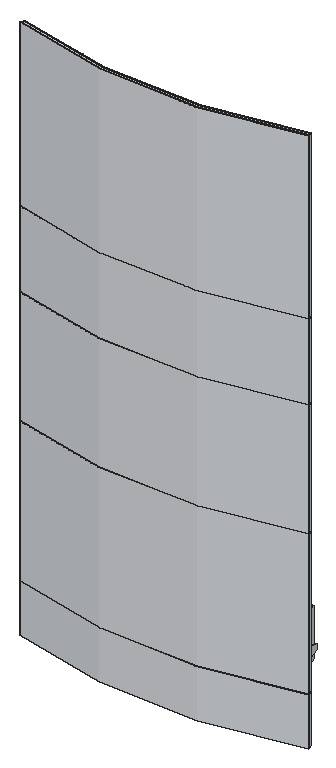
Revit family "Acoustic-Shell_Wenger_Legacy-Select", category Generic Models, Revit 2015
Parameters
  Warranty Duration (Years) = 0
  Unit Width = 6' - 0"
  Unit Height = 11' - 6"
  Unit Depth = 2' - 9"
  URL = "https://www.wengercorp.com/"
  Specification = "http://www.arcat.com/sdspecs/htm04/11_60_01wen.htm"
  SpecWizard = "http://www.arcat.com/specwizard/11061wen/index04.htm"
  Sales Information = "https://www.wengercorp.com/contact-us.php"
  Revision = "R1_2017-12"
  Product Properties = ""
  Product Data = "http://www.arcat.com/arcatcos/cos36/arc36487.html"
  Panel Material [instance] = none
  Model = "As Specified"
  Manufacturer Website = "https://www.wengercorp.com/"
  Manufacturer Phone - Toll Free = ""
  Manufacturer Phone = ""
  Manufacturer Fax = ""
  Manufacturer Address = ""
  Manufacturer = "Wenger Corporation"
  Maintenance Schedule (Months) = 0
  Keynote = "11 60 01"
  Installation-Fabrication = ""
  Installation Phase = ""
  Green Building-LEED = "http://www.arcat.com/green/clients/leed_data_36487.html"
  Frame Finish [instance] = none
  Expected Lifespan (Years) = 0
  Drawn By = "Sumex Design, Inc. / Robert S. Weygant, CSI, CDT, SCIP"
  Description = "Wenger Acoustic Product as Specified"
  Default Elevation = 0' - 0"
  Copyright = "©Arcat Inc."
  Construction Details = "http://www.arcat.com/details/wengerco/wengerco.html?coid=36487"
  Assembly Code = "E1020300"
Reference planes (in)
  plane 1 "Center (Front/Back)": y = 0
  plane 2 "Bottom": z = 0
  plane 3 "Center (Left/Right)": x = 0
Forms (in)
  Extrusion 1, solid, material <- "Frame Finish"
    sketch origin (0.0334, 18.15561, 0) x (-1, 0, 0) y (0, -1, 0)
      loop
        line (-19.27313, -4.13872) -> (-15.25063, -14.74198) -> (15.25063, -14.74198) -> (19.27313, -4.13872) -> (-19.27313, -4.13872)
    from 1.9995 to 13.97206
  Extrusion 2, solid, material <- "Frame Finish"
    sketch origin (-5.37045, 13.76164, 0) x (-0.317305, -0.948324, 0) y (0, 0, 1)
      loop
        line (-14.39344, 5.77883) -> (-14.39344, 4.58635) -> (-3.64344, 4.58635) -> (0.86315, 5.38098) -> (12.36315, 5.38098) -> (12.36315, 15.38098) -> (11.08943, 15.38098) -> (-14.39344, 5.77883)
    from 14.82303 to 16.19193
  Extrusion 3, solid, material <- "Frame Finish"
    sketch origin (5.43724, 13.76164, 0) x (0.317305, -0.948324, 0) y (0, 0, -1)
      loop
        line (-14.39344, -5.77883) -> (11.08943, -15.38098) -> (12.36315, -15.38098) -> (12.36315, -5.38098) -> (0.86315, -5.38098) -> (-3.64344, -4.58635) -> (-14.39344, -4.58635) -> (-14.39344, -5.77883)
    from 14.82303 to 16.19193
  Extrusion 4, solid, material <- "Frame Finish"
    sketch origin (0.0334, 18.15561, 0.03125) x (0, -1, 0) y (0, 0, 1)
      loop
        circle (-12.75618, 1.48312) r 1.5
    from 13.77164 to 14.96901
  Extrusion 5, solid, material <- "Frame Finish"
    sketch origin (0.0334, 18.15561, 0) x (0, -1, 0) y (0, 0, 1)
      loop
        circle (9.54194, 2.00267) r 2
    from 22.6584 to 23.9084
  Extrusion 6, solid, material <- "Frame Finish"
    sketch origin (0.0334, 18.15561, 0) x (0, -1, 0) y (0, 0, -1)
      loop
        circle (9.54194, -2.00267) r 2
    from 22.6584 to 23.9084
  Extrusion 7, solid, material <- "Frame Finish"
    sketch origin (0.0334, 18.15561, 0.03125) x (0, -1, 0) y (0, 0, -1)
      loop
        circle (-12.75618, -1.48312) r 1.5
    from 13.77164 to 14.96901
  Extrusion 8, solid, material <- "Frame Finish"
    sketch origin (0.0334, 18.15561, 0) x (-1, 0, 0) y (0, -1, 0)
      loop
        line (-23.9666, 13.09831) -> (-23.9666, 10.09831) -> (-22.4666, 10.09831) -> (-22.4666, 13.09831) -> (-23.9666, 13.09831)
      loop
        line (23.9666, 13.09831) -> (22.4666, 13.09831) -> (22.4666, 10.09831) -> (23.9666, 10.09831) -> (23.9666, 13.09831)
    from 1.4645 to 75.80448
  Extrusion 9, solid, material <- "Frame Finish"
    sketch origin (0.0334, 18.15561, 0) x (-1, 0, 0) y (0, -1, 0)
      loop
        line (-23.9666, 13.09831) -> (-23.9666, 10.09831) -> (-22.4666, 10.09831) -> (-22.4666, 13.09831) -> (-23.9666, 13.09831)
      loop
        line (23.9666, 13.09831) -> (22.4666, 13.09831) -> (22.4666, 10.09831) -> (23.9666, 10.09831) -> (23.9666, 13.09831)
    from 75.9545 to 134.457
  Extrusion 10, solid, material <- "Frame Finish"
    sketch origin (0.0334, 18.15561, 0) x (0, -1, 0) y (0, 0, 1)
      loop
        line (10.22331, 67.6245) -> (10.22331, 66.1186) -> (11.60623, 66.1186) -> (11.60623, 67.6245) -> (10.22331, 67.6245)
    from -22.4666 to 22.5334
  Extrusion 11, solid, material <- "Frame Finish"
    sketch origin (0.0334, 18.15561, 0) x (0, -1, 0) y (0, 0, 1)
      loop
        line (10.18231, 126.50291) -> (11.59831, 126.50291) -> (11.59831, 128.017) -> (10.18231, 128.017) -> (10.18231, 126.50291)
      loop
        line (10.18231, 83.517) -> (11.59831, 83.517) -> (11.59831, 85.03109) -> (10.18231, 85.03109) -> (10.18231, 83.517)
    from -22.4666 to 22.5334
  Extrusion 12, solid, material <- "Frame Finish"
    sketch origin (0.0334, 18.15561, 0) x (-1, 0, 0) y (0, -1, 0)
      loop
        line (-22.20499, 6.26034) -> (-22.20499, 5.96089) -> (22.18593, 5.96089) -> (22.18593, 6.26034) -> (-22.20499, 6.26034)
    from 4.61597 to 7.01794
  Extrusion 13, solid, material <- "Panel Material"
    sketch origin (0.0334, 18.15561, 0) x (-1, 0, 0) y (0, -1, 0)
      loop
        line (-35.92056, 12.64279) -> (-35.84565, 12.40427)
        arc (-35.84565, 12.40427) -> (0.0334, 17.90561) -> (35.91245, 12.40427) r 119.75
        line (35.91245, 12.40427) -> (35.98735, 12.64279)
        arc (35.98735, 12.64279) -> (0.0334, 18.15561) -> (-35.92056, 12.64279) r 120
    from 1.3995 to 137.9908
  Extrusion 14, solid, material <- "Frame Finish"
    sketch origin (0.0334, 18.15561, 0) x (-1, 0, 0) y (0, -1, 0)
      loop
        arc (35.70646, 11.74836) -> (0.0334, 17.21811) -> (-35.63967, 11.74836) r 119.0625
        line (-35.63967, 11.74836) -> (-35.56476, 11.50984)
        arc (-35.56476, 11.50984) -> (0.0334, 16.96811) -> (35.63156, 11.50984) r 118.8125
        line (35.63156, 11.50984) -> (35.70646, 11.74836)
    from 1.3995 to 137.9908
  Extrusion 15, solid, material <- "Frame Finish"
    sketch origin (0.0334, 18.15561, 0) x (-1, 0, 0) y (0, -1, 0)
      loop
        line (35.96699, 12.5778) -> (35.91249, 12.40426)
        arc (35.91249, 12.40426) -> (0.03342, 17.90561) -> (-35.84565, 12.40428) r 119.75
        line (-35.84565, 12.40428) -> (-35.90048, 12.5789) -> (-35.95921, 12.55752) -> (-35.65677, 11.60547) -> (-35.60031, 11.6232) -> (-35.63962, 11.74837)
        arc (-35.63962, 11.74837) -> (0.03342, 17.21811) -> (35.70646, 11.74836) r 119.0625
        line (35.70646, 11.74836) -> (35.66649, 11.62108) -> (35.72301, 11.60334) -> (36.02577, 12.5564) -> (35.96699, 12.5778)
    from 1.3995 to 137.9908
  Extrusion 16, void
    sketch origin (0.0334, 18.15561, 0) x (-1, 0, 0) y (0, 0, 1)
      loop
        line (-36.63433, 13.402) -> (40.36567, 13.402) -> (40.36567, 13.527) -> (-36.63433, 13.527) -> (-36.63433, 13.402)
      loop
        line (-36.63433, 49.152) -> (40.36567, 49.152) -> (40.36567, 49.277) -> (-36.63433, 49.277) -> (-36.63433, 49.152)
      loop
        line (-36.63433, 77.902) -> (40.36567, 77.902) -> (40.36567, 78.027) -> (-36.63433, 78.027) -> (-36.63433, 77.902)
      loop
        line (-36.63433, 97.027) -> (40.36567, 97.027) -> (40.36567, 97.152) -> (-36.63433, 97.152) -> (-36.63433, 97.027)
    from -25.59434 to 0
Cuts and joins
  Extrusion 16 cuts Extrusion 13
  Extrusion 16 cuts Extrusion 14
  Extrusion 16 cuts Extrusion 15
